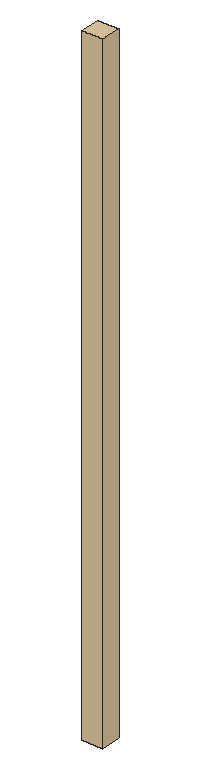
Revit family "abb3d7edbe814344baa37fb5e90f49f0", category Structural Columns, Revit 2021
Family settings
  Section Shape = Not Defined
  Material for Model Behavior = Wood
  Always export as geometry = No
  Beam cutback in plan = From bounding box
  OmniClass Number = 23.25.30.11.14.11
  OmniClass Title = Columns
  Seek Item ID = Dimension Lumber-Column-0000-USA-ENU
  Cut with Voids When Loaded = No
  Symbolic Representation = From Project Settings
  Shared = No
  Show family pre-cut in plan views = Yes
Parameters (values of type "4x4")
  Structural Material [instance] = Softwood, Lumber
  A = 12.25 in²
  Assembly Code = "B10"
  b = 0' - 3 1/2"
  d = 0' - 3 1/2"
Reference planes (in)
  plane 1 "Center (Front/Back)": y = 0
  plane 2: z = 0
  plane 3 "Center (Left/Right)": x = 0
  plane 4: x = -1.75
  plane 5: x = 1.75
  plane 6: y = 1.75
  plane 7: y = -1.75
Forms (in)
  Extrusion 1, solid, material "Softwood, Lumber" <- "Structural Material", detail levels medium+fine
    sketch origin (0, 0, 0) x (1, 0, 0) y (0, 1, 0)
      loop
        line (-1.75, 1.75) -> (-1.75, -1.75) -> (1.75, -1.75) -> (1.75, 1.75) -> (-1.75, 1.75)
    from 0 to 108
Lines and regions (in)
  symbolic lines, style "StructuralColumnStickSymbols", detail levels coarse
    curve 1: line (-1.75, 1.75, 0) -> (1.75, 1.75, 0)
    curve 2: line (-1.75, -1.75, 0) -> (1.75, -1.75, 0)
    curve 3: line (-1.75, 1.75, 0) -> (-1.75, -1.75, 0)
    curve 4: line (1.75, 1.75, 0) -> (1.75, -1.75, 0)
Dimensions and locks (in)
  equal spacing: plane 4, plane 3 "Center (Left/Right)", plane 5
  equal spacing: plane 7, plane 1 "Center (Front/Back)", plane 6
  "d": plane 7 to plane 6
  "b": plane 4 to plane 5
  aligned and locked: plane 6 to Extrusion 1 sketch curve
  aligned and locked: Extrusion 1 sketch curve to plane 7
  aligned and locked: Extrusion 1 sketch curve to plane 4
  aligned and locked: plane 5 to Extrusion 1 sketch curve
  aligned and locked: level to Extrusion 1
  aligned and locked: level to plane 2
  aligned and locked: Extrusion 1 to plane 2
Automatic sketch dimensions
  curve 3 to plane 4 = 0' - 0"
  curve 4 to plane 5 = 0' - 0"
  curve 3 to plane 7 = 0' - 0"
  curve 3 to plane 6 = 0' - 0"
